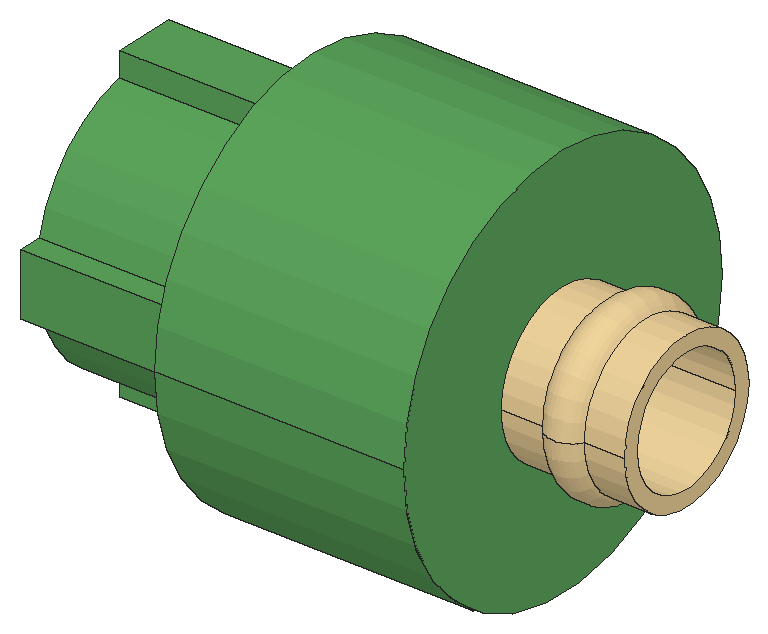
Revit family "Aquatherm_Переходник с наружной резьбой", category Соединительные детали трубопроводов, Revit 2019
Family settings
  Размер круглого соединителя = Использовать диаметр
  Тип детали = Переход
  На основе рабочей плоскости = Нет
  Всегда вертикально = Да
  При загрузке вырезать с полостями = Нет
  Общий = Нет
Parameters (values of type "SDR 6")
  Материал_Корпус_2 = AquaTherm латунь pipe
  Материал_Корпус = AquaTherm green pipe
  z2 [instance] = size_lookup("Переходник с наружной резьбой", "z2", 18 mm, d, R)  # 12 mm
  z [instance] = size_lookup("Переходник с наружной резьбой", "z", 18 mm, d, R)  # 38 mm
  r [instance] = R - 3 mm  # 12 mm
  n [instance] = z2  # 12 mm
  m [instance] = z  # 38 mm
  d1 [instance] = R - 8 mm  # 7 mm
  URL = "www.agpipe.ru"
  d [instance] = 20 mm
  SDR = 6 mm
  R [instance] = 15 mm
  L [instance] = size_lookup("Переходник с наружной резьбой", "L", 18 mm, d, R)  # 52.5 mm
  D2 [instance] = D1 + 4 mm  # 30 mm
  D1 [instance] = d + 6 mm  # 26 mm
  D [instance] = size_lookup("Переходник с наружной резьбой", "D", 18 mm, d, R)  # 38.5 mm
  ADSK_Примечание = ""
  ADSK_Позиция [instance] = ""
  ADSK_Обозначение = ""
  ADSK_Наименование [instance] = size_lookup("Переходник с наружной резьбой", "ADSK_Наименование", "Нет в каталоге", d, R)  # "Переходник с наружной резьбой DN20x1/2''"
  ADSK_Масса_Текст [instance] = size_lookup("Переходник с наружной резьбой", "ADSK_Масса_Текст", "Нет в каталоге", d, R)  # "0.09"
  ADSK_Код изделия [instance] = size_lookup("Переходник с наружной резьбой", "ADSK_Код изделия", "Нет в каталоге", d, R)  # "21258"
  ADSK_Завод-изготовитель = "Aquatherm"  # constant formula
  ADSK_Единица измерения = "шт."  # constant formula
  1 [instance] = 1 = 1  # yes
Types (4, lengths in mm): name | SDR
  (no name) | 6
  SDR 6 | 6
  SDR 7.4 | 7.4
  SDR 11 | 11
Reference planes
  plane 1 "По центру (Вперед/Назад)": y = 0
  plane 2: z = 0
  plane 3 "По центру (Влево/Вправо)": x = 0
  plane 4: x = -26.25
  plane 5: x = 26.25
  plane 6: x = -11.75
  plane 7: x = 14.25
  plane 8: y = 7.5
  plane 9: y = -7.5
Forms (mm)
  Extrusion 1, solid, material "AquaTherm green pipe" <- "Материал_Корпус", visible <- "1"
    sketch origin (0, 0, 0) x (0, 1, 0) y (0, 0, 1)
      loop
        circle (0, 0) r 13
    from -26.25 to -9.8
  Extrusion 2, solid, material "AquaTherm green pipe" <- "Материал_Корпус", visible <- "1"
    sketch origin (0, 0, 0) x (0, 1, 0) y (0, 0, 1)
      loop
        circle (0, 0) r 19.25
    from -9.8 to 14.25
  Extrusion 3, solid, material "AquaTherm green pipe" <- "Материал_Корпус", visible <- "1"
    sketch origin (0, 0, 0) x (0, 1, 0) y (0, 0, 1)
      loop
        line (3, -15) -> (3, 15) -> (-3, 15) -> (-3, -15) -> (3, -15)
    from -26.25 to -9.8
  Extrusion 4, solid, material "AquaTherm green pipe" <- "Материал_Корпус", visible <- "1"
    sketch origin (0, 0, 0) x (0, 1, 0) y (0, 0, 1)
      loop
        line (-15, -3) -> (15, -3) -> (15, 3) -> (-15, 3) -> (-15, -3)
    from -26.25 to -9.8
  Extrusion 5, void
    sketch origin (0, 0, 0) x (0, 1, 0) y (0, 0, 1)
      loop
        circle (0, 0) r 7.5
    from 0 to 11
  Extrusion 6, void
    sketch origin (0, 0, 0) x (0, 1, 0) y (0, 0, 1)
      loop
        circle (0, 0) r 10
    from -26.25 to -9.8
  Extrusion 7, void
    sketch origin (0, 0, 0) x (0, 1, 0) y (0, 0, 1)
      loop
        circle (0, 0) r 3.5
    from -9.8 to 0
  Extrusion 8, solid, material "AquaTherm латунь pipe" <- "Материал_Корпус_2", visible <- "1"
    sketch origin (0, 0, 0) x (0, 1, 0) y (0, 0, 1)
      loop
        circle (0, 0) r 7.5
    from 14.25 to 26.25
  Extrusion 9, void
    sketch origin (0, 0, 0) x (0, 1, 0) y (0, 0, 1)
      loop
        circle (0, 0) r 6
    from 11 to 26.25
  Revolve 10, solid, material "AquaTherm латунь pipe" <- "Материал_Корпус_2", visible <- "1"
    sketch origin (0, 0, 0) x (1, 0, 0) y (0, 1, 0)
      loop
        arc (22.296, 7.5) -> (20.318, 8.658) -> (18.341, 7.5) r 2.267
        line (18.341, 7.5) -> (22.296, 7.5)
      axis (18.341, 0) -> (22.296, 0)
    angle from 0 to 360
Cuts and joins
  Extrusion 6, Extrusion 7 cuts Extrusion 1
  Extrusion 6, Extrusion 7 cuts Extrusion 3
  Extrusion 6, Extrusion 7 cuts Extrusion 4
  joined: Extrusion 1, Extrusion 3, Extrusion 4
  Extrusion 5, Extrusion 6, Extrusion 7, Extrusion 9 cuts Extrusion 2
  Extrusion 9 cuts Extrusion 8
Lines and regions (mm)
  reference lines
    curve 1: line (-11.75, 0, 0) -> (14.25, 0, 0)
Dimensions and locks
  equal spacing: plane 4, plane 3 "По центру (Влево/Вправо)", plane 5
  "L": plane 4 to plane 5
  "m": plane 6 to plane 5
  locked: plane 6 to Extrusion 1 at 1.95
  equal spacing: Extrusion 3 sketch curve, level, Extrusion 3 sketch curve
  "D2": Extrusion 3 sketch curve to Extrusion 3 sketch curve
  equal spacing: Extrusion 4 sketch curve, plane 1 "По центру (Вперед/Назад)", Extrusion 4 sketch curve
  "D2": Extrusion 4 sketch curve to Extrusion 4 sketch curve
  "n": plane 7 to plane 5
  locked: cut or joined group of Extrusion 2, Extrusion 5, Extrusion 6, Extrusion 7, Extrusion 9 to plane 7 at 3.25
  equal spacing: plane 8, plane 1 "По центру (Вперед/Назад)", plane 9
  "R": plane 8 to plane 9
  Revolve 10 sketch curve to Revolve 10 sketch curve to plane 5 = 3.954 mm locked, 3.954 mm locked
  "D1": diameter of Extrusion 1 sketch curve
  "D": diameter of Extrusion 2 sketch curve
  "R": diameter of Extrusion 5 sketch curve
  "d": diameter of Extrusion 6 sketch curve
  "d1": diameter of Extrusion 7 sketch curve
  "R": diameter of Extrusion 8 sketch curve
  "r": diameter of Extrusion 9 sketch curve
  aligned and locked: level to plane 2
  aligned and locked: Extrusion 1 to plane 4
  aligned and locked: Extrusion 2 to Extrusion 1
  aligned and locked: Extrusion 4 to plane 4
  aligned and locked: Extrusion 3 to plane 4
  aligned and locked: Extrusion 1 to Extrusion 3
  aligned and locked: Extrusion 4 to Extrusion 1
  aligned and locked: Extrusion 6 to plane 4
  aligned and locked: plane 7 to Extrusion 2
  aligned and locked: Extrusion 2 to Extrusion 7
  aligned and locked: Extrusion 6 to Extrusion 2
  aligned and locked: plane 5 to Extrusion 8
  aligned and locked: plane 3 "По центру (Влево/Вправо)" to Extrusion 7
  aligned and locked: Extrusion 5 to plane 3 "По центру (Влево/Вправо)"
  aligned and locked: Extrusion 9 to Extrusion 5
  aligned and locked: plane 5 to Extrusion 9
  aligned and locked: Extrusion 8 to cut or joined group of Extrusion 2, Extrusion 5, Extrusion 6, Extrusion 7, Extrusion 9
  aligned and locked: plane 8 to Revolve 10 sketch curve
  aligned and locked: plane 1 "По центру (Вперед/Назад)" to Revolve 10 sketch curve
  aligned and locked: plane 6 to curve 1
  aligned and locked: plane 7 to curve 1
Automatic sketch dimensions
  plane 1 "По центру (Вперед/Назад)" to curve 1 = 0 mm
  Extrusion 1 sketch curve to level = 0 mm
  Extrusion 1 sketch curve to plane 1 "По центру (Вперед/Назад)" = 0 mm
  Extrusion 2 sketch curve to level = 0 mm
  Extrusion 2 sketch curve to plane 1 "По центру (Вперед/Назад)" = 0 mm
  plane 1 "По центру (Вперед/Назад)" to Extrusion 3 sketch curve = 3 mm
  Extrusion 3 sketch curve to plane 1 "По центру (Вперед/Назад)" = 3 mm
  Extrusion 4 sketch curve to level = 3 mm
  level to Extrusion 4 sketch curve = 3 mm
  Extrusion 5 sketch curve to level = 0 mm
  Extrusion 5 sketch curve to plane 1 "По центру (Вперед/Назад)" = 0 mm
  Extrusion 6 sketch curve to level = 0 mm
  Extrusion 6 sketch curve to plane 1 "По центру (Вперед/Назад)" = 0 mm
  Extrusion 7 sketch curve to level = 0 mm
  Extrusion 7 sketch curve to plane 1 "По центру (Вперед/Назад)" = 0 mm
  Extrusion 8 sketch curve to level = 0 mm
  Extrusion 8 sketch curve to plane 1 "По центру (Вперед/Назад)" = 0 mm
  Extrusion 9 sketch curve to level = 0 mm
  Extrusion 9 sketch curve to plane 1 "По центру (Вперед/Назад)" = 0 mm
  Revolve 10 sketch curve to plane 8 = 1.11 mm
  plane 3 "По центру (Влево/Вправо)" to Revolve 10 sketch curve = 5 mm
  plane 5 to Revolve 10 sketch curve = 3.75 mm
Connectors
  piping at (-11.75, 0, 0), diameter 20, driven by "d"
    settings: on curve 1, index 1, connector inside diameter 609.6 mm, connector length 0 mm, flow factor 0, pipe flow 0.0 L/s, pressure drop 0.0 Pa, fitting loss kfactor 0, connector angle 0.00°, fixture units 0, engagement length 0 mm, angle of deflection 0.00°, flow configuration 0, flow direction 0, fitting loss method 0, system type 28, joint type 0, gender type 0, connector reference index 2, connector utility 0, adjustable connector no, is connector primary yes, connector description ""
  piping at (14.25, 0, 0), diameter 15, driven by "R"
    settings: on curve 1, index 2, connector inside diameter 609.6 mm, connector length 0 mm, flow factor 0, pipe flow 0.0 L/s, pressure drop 0.0 Pa, fitting loss kfactor 0, connector angle 0.00°, fixture units 0, engagement length 0 mm, angle of deflection 0.00°, flow configuration 0, flow direction 0, fitting loss method 0, system type 28, joint type 0, gender type 0, connector reference index 1, connector utility 0, adjustable connector no, is connector primary no, connector description ""
